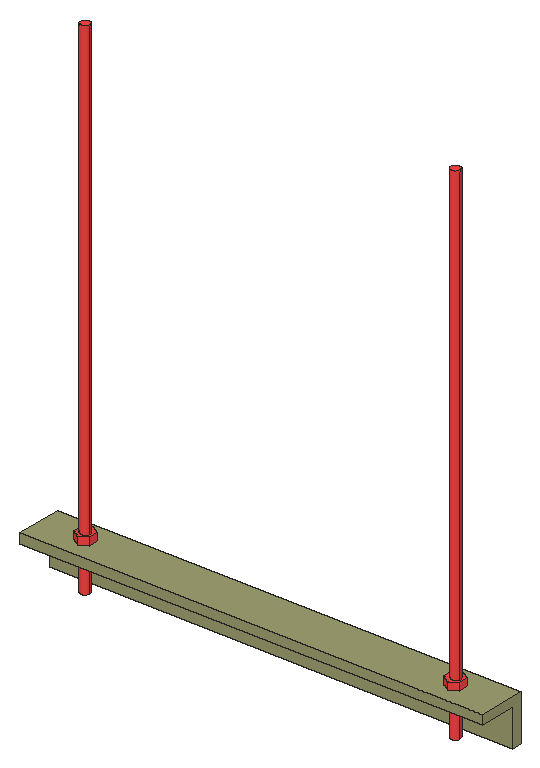
Revit family "Angle Support", category Pipe Accessories, Revit 2014
Parameters
  built-in parameter 1114242 [instance] = (empty or 0)
  Support Level [instance] = 1500 mm
  Rod Dia [instance] = 10 mm
  IsCustom [instance] = no
  Distance Between Rods [instance] = 400 mm
  Angle Width [instance] = 50 mm
  Pipe Support = Pipe Support
  Fasteners = Fasteners
  Ceiling Level [instance] = 2000 mm
  Dim_A = 50 mm
  Angle Thk [instance] = 10 mm
  Anchor Nut [instance] = Nut : M10
Reference planes
  plane 1 "Center (Front/Back)": y = 0
  plane 2: z = 0
  plane 3 "Center (Left/Right)": x = 0
  plane 4: x = -200
  plane 5: x = 200
  plane 6: y = 25
  plane 7 "W1": y = -25
  plane 8: z = 2000
  plane 9: z = 1500
  plane 10 "Lf": x = -250
  plane 11 "Rt": x = 250
  plane 12: z = 1490
  plane 13: z = 1450
  plane 14: y = 15
Forms (mm)
  Extrusion 1, solid, material "Fasteners" <- "Fasteners"
    sketch origin (0, 0, -75) x (-1, 0, 0) y (0, -1, 0)
      loop
        circle (200, 0) r 5
    from 1525 to 2075
  Extrusion 2, solid, material "Fasteners" <- "Fasteners"
    sketch origin (0, 0, -75) x (-1, 0, 0) y (0, -1, 0)
      loop
        circle (-200, 0) r 5
    from 1525 to 2075
  Extrusion 3, solid, material "Pipe Support" <- "Pipe Support"
    sketch origin (250, 0, 0) x (0, 0, -1) y (0, -1, 0)
      loop
        line (-1490, 25) -> (-1500, 25) -> (-1500, -25) -> (-1450, -25) -> (-1450, -15) -> (-1490, -15) -> (-1490, 25)
    from 0 to 500
Dimensions and locks
  equal spacing: plane 6, plane 1 "Center (Front/Back)", plane 7 "W1"
  "Angle Width": plane 6 to plane 7 "W1"
  "Ceiling Level": plane 8 to level
  "Support Level": plane 9 to level
  equal spacing: plane 4, plane 3 "Center (Left/Right)", plane 5
  "Distance Between Rods": plane 4 to plane 5
  "Dim_A": plane 10 "Lf" to plane 4
  "Dim_A": plane 5 to plane 11 "Rt"
  "Angle Thk": plane 9 to plane 12
  "Angle Width": plane 9 to plane 13
  "Angle Thk": plane 6 to plane 14
  "Rod Dia": diameter of Extrusion 1 sketch curve
  "Rod Dia": diameter of Extrusion 2 sketch curve
  aligned and locked: plane 8 to Extrusion 1
  aligned and locked: plane 8 to Extrusion 2
  aligned and locked: plane 10 "Lf" to Extrusion 3
  aligned and locked: Extrusion 1 to plane 13
  aligned and locked: Extrusion 2 to plane 13
  aligned and locked: plane 12 to nested 1
  aligned and locked: plane 12 to nested 2
  aligned and locked: nested 3 to plane 9
  aligned and locked: nested 4 to plane 9
  aligned and locked: nested 3 to plane 4
  aligned and locked: nested 1 to plane 4
  aligned and locked: nested 4 to plane 5
  aligned and locked: nested 2 to plane 5
Automatic sketch dimensions
  Extrusion 3 sketch curve to plane 7 "W1" = 0 mm
  Extrusion 3 sketch curve to plane 9 = 0 mm
  Extrusion 3 sketch curve to plane 12 = 0 mm
  Extrusion 3 sketch curve to plane 13 = 0 mm
  Extrusion 3 sketch curve to plane 6 = 0 mm
  Extrusion 3 sketch curve to plane 14 = 0 mm
  plane 1 "Center (Front/Back)" to Extrusion 1 sketch curve = 0 mm
  Extrusion 1 sketch curve to plane 4 = 0 mm
  plane 1 "Center (Front/Back)" to Extrusion 2 sketch curve = 0 mm
  Extrusion 2 sketch curve to plane 5 = 0 mm
Nested families
  nested 1: "Nut" at (-200, 0, 1482), type <- "Anchor Nut", type "M10"
  nested 2: "Nut" at (200, 0, 1482), type <- "Anchor Nut", type "M10"
  nested 3: "Nut" at (-200, 0, 1500), type <- "Anchor Nut", type "M10"
  nested 4: "Nut" at (200, 0, 1500), type <- "Anchor Nut", type "M10"
Definition of nested family "Nut"
  Parameters (values of type "M12")
    Fasteners = Fasteners
    Dim_3 = Nut Dia * 1.7321 / 2  # 10.393 mm
    Nut Height = Nut Dia * 0.8  # 9.6 mm
    Nut Dia = 12 mm
  Types (11, lengths in mm): name | Dim_3 | Nut Height | Nut Dia
    M16 | 13.857 | 12.8 | 16
    M20 | 17.321 | 16 | 20
    M32 | 27.714 | 25.6 | 32
    M22 | 19.053 | 17.6 | 22
    M25 | 21.651 | 20 | 25
    M38 | 32.91 | 30.4 | 38
    M44 | 38.106 | 35.2 | 44
    M6 | 5.196 | 4.8 | 6
    M8 | 6.928 | 6.4 | 8
    M10 | 8.661 | 8 | 10
    M12 | 10.393 | 9.6 | 12
  Reference planes
    plane 1 "Center (Front/Back)": y = 0
    plane 2: z = 0
    plane 3 "Center (Left/Right)": x = 0
    plane 4: z = 9.6
    plane 5: z = -60
    plane 6: x = -6
    plane 7: x = 6
    plane 8: z = -58
    plane 9: through (0, 0, 1200) normal (-0.5, 0.866, 0)
    plane 10: through (0, 0, 1200) normal (0.5, 0.866, 0)
    plane 11: y = 12
    plane 12: y = -12
    plane 13: x = -10.393
    plane 14: x = 10.393
  Forms (mm)
    Extrusion 1, solid, material "Fasteners" <- "Fasteners"
      sketch origin (0, 0, 0) x (1, 0, 0) y (0, 1, 0)
        loop
          line (-10.393, -6) -> (0, -12.001) -> (10.393, -6) -> (10.393, 6) -> (0, 12.001) -> (-10.393, 6) -> (-10.393, -6)
        loop
          circle (0, 0) r 6
      from 0 to 9.6
  Dimensions and locks
    "Nut Height": plane 4 to level
    level to plane 5 = 60 mm
    equal spacing: plane 7, plane 3 "Center (Left/Right)", plane 6
    "Nut Dia": plane 7 to plane 6
    plane 8 to plane 5 = 2 mm
    "Nut Dia": plane 1 "Center (Front/Back)" to plane 12
    "Nut Dia": plane 1 "Center (Front/Back)" to plane 11
    "Dim_3": plane 13 to plane 3 "Center (Left/Right)"
    "Dim_3": plane 3 "Center (Left/Right)" to plane 14
    "Nut Dia": diameter of Extrusion 1 sketch curve
    aligned and locked: level to plane 2
    aligned and locked: plane 4 to Extrusion 1
  Automatic sketch dimensions
    Extrusion 1 sketch curve to plane 10 = 0 mm  (x2)
    Extrusion 1 sketch curve to plane 13 = 0 mm
    Extrusion 1 sketch curve to plane 3 "Center (Left/Right)" = 0 mm  (x3)
    plane 1 "Center (Front/Back)" to Extrusion 1 sketch curve = 0 mm
    Extrusion 1 sketch curve to plane 14 = 0 mm
    Extrusion 1 sketch curve to plane 9 = 0 mm  (x2)
    Extrusion 1 sketch curve to plane 12 = 0.001 mm
    plane 11 to Extrusion 1 sketch curve = 0.001 mm
